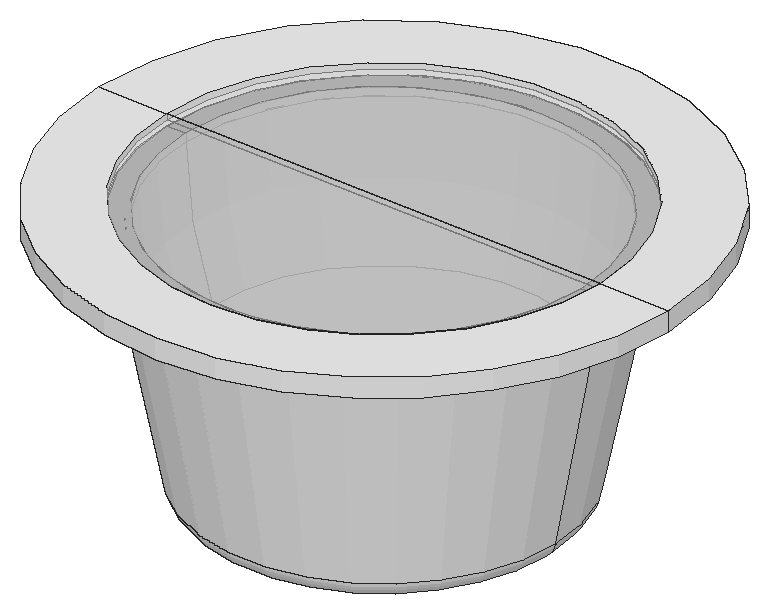
Revit family "2060570+2039013 Sylvania Lighting Fixture ASCENT 100 II ARCH 3600 3K STD 160 with IP54 PC Cover", category Lighting Fixtures, host Face, Revit 2016
Family settings
  Host = Face
  Part Type = Normal
  Round Connector Dimension = Use Diameter
  OmniClass Number = 23.80.70.11.17
  OmniClass Title = Specialized Lighting by Location or Use
  Cut with Voids When Loaded = No
  Light Source = Yes
  Shared = No
  Room Calculation Point = No
Parameters (values of type "2060570+2039013 ASCT100 II ARCH 3600 3K STD 160 with IP54 PC Cover")
  WidthBezelAcc_SYL = 25.0 mm
  Weight = "1.2 kg"
  Wattage = 30 W
  WarrantyStartDate [instance] = "n/a"
  WarrantyGuarantorParts = "n/a"
  WarrantyDurationUnit = "n/a"
  WarrantyDurationParts = "n/a"
  WarrantyDescription = "n/a"
  built-in parameter 1150110 = 1 (stored number, unit not read)
  Voltage = 0 V
  VisibilityAccessory_SYL = yes
  TypeName = "ASCENT 100 II ARCH 3600 3K STD 160 with IP54 PC Cover"
  built-in parameter 1114217 = 1 (stored number, unit not read)
  Tilt Angle = -90°
  built-in parameter 1150109 = 1 (stored number, unit not read)
  built-in parameter 1150134 = (empty or 0)
  built-in parameter 1150113 = 1 (stored number, unit not read)
  SerialNumber [instance] = "n/a"
  ReflectorRadius_SYL = Radius_SYL - 14.5 mm  # 80.0 mm
  RadiusAcc_SYL = 105.0 mm
  Radius_SYL = 94.5 mm
  URL = "http://www.sylvania-lighting.com"
  PowerFactor = 0
  PowerConsumption = "30 W"
  Photometric Web File = "2060570.ies"
  NominalWidth = 0.0 mm
  NominalLength = 0.0 mm
  NominalHeight = 94.0 mm
  Name = "ASCENT 100 II ARCH 3600 3K STD 160 with IP54 PC Cover"
  ModelReference = "ASCENT 100 II ARCH 3600 3K STD 160 with IP54 PC Cover"
  ModelNumber = "2060570+2039013"
  Material_4_SYL = none
  Material_3_SYL = Polycarbonate_Sylvania_Ascent_Clear
  Material_2_SYL = Aluminium_Sylvania_Ascent_Silver
  Material_1_SYL = Aluminum_Sylvania_Ascent_White
  Material = "aluminium housing, arcylic diffuser"
  ManufacturerName = "Feilo Sylvania"
  LuminousEfficacy = "118 lm/W"
  built-in parameter 1150105 = 281.7 (stored number, unit not read)
  Lumens = 3540 lm
  LuminaireType = ""
  built-in parameter 1150115 = 1 (stored number, unit not read)
  LightOutputRatio = "100"
  built-in parameter 1150137 = (empty or 0)
  built-in parameter 1150139 = (empty or 0)
  LampsType = Lamp  # "LED"
  LampNominalLuminous = "3548 lm"
  LampMacAdamStep = "3"
  LampColourTemperature = "3000 K"
  LampColourRenderingIndex = "80"
  built-in parameter 1150112 = 1 (stored number, unit not read)
  built-in parameter 1150114 = 1 (stored number, unit not read)
  Keynote = "16500"
  InstallationDate [instance] = "n/a"
  InputVoltage = "n/a"
  InputNominalFrequency = "n/a"
  built-in parameter 1150132 = (empty or 0)
  built-in parameter 1150102 = (empty or 0)
  built-in parameter 1150107 = 3000 (stored number, unit not read)
  built-in parameter 1150138 = (empty or 0)
  IngressProtection = "IP54"
  ImpactProtectionIndex = "IK02"
  built-in parameter 1150106 = 2.817 (stored number, unit not read)
  IfcExportType = "IfcLightFixtureType"
  IfcExportAs = "IfcLightFixtureType"
  Height_SYL = 94.0 mm
  HeightAcc_SYL = 7.0 mm
  ExpectedLife = 50000
  EmittionSurface_SYL = if(VisibilityAccessory_SYL, 7.0 mm, 3.0 mm)  # 7.0 mm
  Emit from Circle Diameter = DiffuserRadius_SYL * 2  # 146.0 mm
  Emit Shape Visible in Rendering = no
  ElectricShockClassification = "Class II"
  built-in parameter 1150104 = 10.963 (stored number, unit not read)
  DurationUnit = "hours"
  DocumentationLiterature = "http://www.sylvania-lighting.com/product/en-int/products/2060570"
  DimmingControlOptions = "n/a"
  Dimming Lamp Color Temperature Shift = <None>
  DiffuserRadius_SYL = ReflectorRadius_SYL - 7.0 mm  # 73.0 mm
  Diameter_SYL = 2 * Radius_SYL  # 189.0 mm
  CutoutDiameter_SYL = Diameter_SYL - 13.0 mm  # 176.0 mm
  CreatedOn = "9/17/2018"
  CreatedBy = "@sylvania-lighting.com"
  Color Filter = 16777215
  built-in parameter 1114216 [instance] = 1 (stored number, unit not read)
  Model = "ASCENT 100 II ARCH 3600 3K STD 160 with IP54 PC Cover"
  Manufacturer = "Feilo Sylvania"
  Lamp = "LED"
  Description = "Direct LED retro fit for original LED 100 Arch (160) single CFL lamp offering Matching lumen levels and improved light distribution of original LED 100 CFL lamp equivalents Typically half the power consumption compared to CFL Up to 112lm/W 160mm aperture Architectural reflector accepts range of glass accessories from existing LED 100 Arch 160 offering HE, HO and VHO versions equivalent of single 1 x 18W, 1 x 32W, 1 x 42W\r\n Additional VVHO versions which offer the performance circa 2 x 32W equivalent"  # constant formula
  Default Elevation = 0.0 mm
  built-in parameter 1140040 [instance] = 1
  BarCode [instance] = "n/a"
  built-in parameter 1114218 = 1 (stored number, unit not read)
  built-in parameter 1150133 = 10 (stored number, unit not read)
  AssetType = "Fixed"
  AssetIdentifier [instance] = "n/a"
  Assembly Code = "D5020200"
  Apparent Load = 30 VA
  Aperture_SYL = 2 * ReflectorRadius_SYL  # 160.0 mm
Reference planes
  plane 1 "Center (Front/Back)": y = 0
  plane 2: z = 0
  plane 3 "Center (Left/Right)": x = 0
  plane 4 "Fixture Bottom": z = 3
  plane 5: z = -52.5
  plane 6 "Fixture Top": z = -91
  plane 7: x = -105
  plane 8: z = 7
  plane 9: x = -80
  plane 10: z = 5
  plane 11: x = -103
Forms (mm)
  Extrusion 1, solid, material "Aluminum_Sylvania_Ascent_White", detail levels fine
    sketch origin (0, 0, 0) x (1, 0, 0) y (0, 1, 0)
      loop
        circle (0, 0) r 94.5
      loop
        circle (0, 0) r 80
    from 0 to 3
  Extrusion 2, void
    sketch origin (0, 0, 0) x (1, 0, 0) y (0, 1, 0)
      loop
        circle (0, 0) r 88
    from -91 to 3
  Revolve 3, solid, material "Aluminum_Sylvania_Ascent_White" <- "Material_1_SYL", detail levels fine
    sketch origin (0, 0, 0) x (1, 0, 0) y (0, 0, 1)
      loop
        line (0, -91.073) -> (0, -89.023) -> (-55.468, -89.014)
        arc (-55.468, -89.014) -> (-59.352, -87.613) -> (-61.54, -84.139) r 6.307
        line (-61.54, -84.139) -> (-77.991, -2.844) -> (-77.991, 0) -> (-80, 0) -> (-80, -3) -> (-63.5, -84.536)
        arc (-63.5, -84.536) -> (-60.643, -89.203) -> (-55.5, -91.073) r 8.291
        line (-55.5, -91.073) -> (0, -91.073)
      axis (0, 0) -> (0, -91.073)
    angle from 0 to 360
  Revolve 4, solid, material "Aluminium_Sylvania_Ascent_Silver" <- "Material_2_SYL", detail levels fine
    sketch origin (0, 0, 0) x (1, 0, 0) y (0, 0, 1)
      loop
        line (-80, 3) -> (-80, 0) -> (-75, 0)
        arc (-75, 0) -> (-72.349, -26.77) -> (-64.5, -52.5) r 136.5
        line (-64.5, -52.5) -> (-58, -52.5)
        arc (-58, -52.5) -> (-56.857, -61.521) -> (-53.5, -69.971) r 36.166
        line (-53.5, -69.971) -> (0, -69.971) -> (0, -50.5) -> (-63.16, -50.5)
        arc (-63.16, -50.5) -> (-70.517, -25.725) -> (-73, 0) r 134.5
        line (-73, 0) -> (-73, 3) -> (-80, 3)
      axis (0, 3) -> (0, -69.971)
    angle from 0 to 360
  Extrusion 5, solid, material "Polycarbonate_Sylvania_Ascent_Clear" <- "Material_3_SYL", detail levels fine
    sketch origin (0, 0, 0) x (1, 0, 0) y (0, 1, 0)
      loop
        circle (0, 0) r 73
    from 0 to 3
  Revolve 6, solid, material "Aluminum_Sylvania_Ascent_White" <- "Material_1_SYL", detail levels coarse+medium
    sketch origin (0, 0, 0) x (1, 0, 0) y (0, 0, 1)
      loop
        line (0, -91.073) -> (0, 3) -> (-94.5, 3) -> (-94.5, 0) -> (-79.5, 0) -> (-79.5, -3) -> (-63, -84.536)
        arc (-63, -84.536) -> (-60.143, -89.203) -> (-55, -91.073) r 8.291
        line (-55, -91.073) -> (0, -91.073)
      axis (0, 3) -> (0, -91.073)
    angle from 0 to 360
  Revolve 7, solid, material "Aluminum_Sylvania_Ascent_White" <- "Material_1_SYL", visible <- "VisibilityAccessory_SYL"
    sketch origin (0, 0, 0) x (1, 0, 0) y (0, 0, 1)
      loop
        line (-105, 0) -> (-103, 0) -> (-103, 5) -> (-80, 5) -> (-80, 7) -> (-105, 7) -> (-105, 0)
      axis (0, 7) -> (0, 0)
    angle from 0 to 360
  Revolve 8, solid, material "Polycarbonate_Sylvania_Ascent_Clear" <- "Material_3_SYL", visible <- "VisibilityAccessory_SYL"
    sketch origin (0, 0, 0) x (1, 0, 0) y (0, 0, 1)
      loop
        line (-80, 7) -> (-80, 5) -> (0, 5) -> (0, 7) -> (-80, 7)
      axis (0, 7) -> (0, 5)
    angle from 0 to 360
Lines and regions (mm)
  reference lines
    curve 1: line (-150, 0, 7) -> (125, 0, 7)
Dimensions and locks
  locked: plane 4 "Fixture Bottom" to plane 2 at 3
  "Height_SYL": plane 4 "Fixture Bottom" to plane 6 "Fixture Top"
  "ReflectorRadius_SYL": plane 3 "Center (Left/Right)" to Revolve 4 sketch curve
  locked: Revolve 4 sketch curve to Revolve 4 sketch curve at 15.5
  locked: Revolve 4 sketch curve to Revolve 4 sketch curve at 5
  locked: Revolve 4 sketch curve to Revolve 4 sketch curve at 7
  locked: Revolve 4 sketch curve to Revolve 4 sketch curve at 22
  locked: Revolve 4 sketch curve to Revolve 4 sketch curve at 26.5
  locked: Revolve 3 sketch curve to Revolve 3 sketch curve at 16.5
  locked: Revolve 3 sketch curve to Revolve 3 sketch curve at 24.5
  "ReflectorRadius_SYL": Revolve 3 sketch curve to plane 3 "Center (Left/Right)"
  locked: Revolve 3 sketch curve to plane 6 "Fixture Top" at 6.464
  locked: plane 2 to Revolve 3 sketch curve at 3
  locked: Revolve 3 sketch curve to Revolve 3 sketch curve at 2
  locked: Revolve 3 sketch curve to Revolve 3 sketch curve at 2.009
  locked: plane 2 to plane 5 at 52.5
  locked: Revolve 6 sketch curve to Revolve 6 sketch curve at 31.5
  locked: Revolve 6 sketch curve to Revolve 6 sketch curve at 39.5
  locked: Revolve 6 sketch curve to Revolve 6 sketch curve at 15
  "Radius_SYL": plane 3 "Center (Left/Right)" to Revolve 6 sketch curve
  "RadiusAcc_SYL": plane 3 "Center (Left/Right)" to plane 7
  "HeightAcc_SYL": plane 8 to level
  "WidthBezelAcc_SYL": plane 7 to plane 9
  locked: plane 7 to plane 11 at 2
  locked: plane 8 to plane 10 at 2
  "EmittionSurface_SYL": curve 1 to level
  "CutoutDiameter_SYL": diameter of Extrusion 2 sketch curve
  "ReflectorRadius_SYL": radius of Extrusion 1 sketch curve
  "DiffuserRadius_SYL": radius of Extrusion 5 sketch curve
  "Radius_SYL": radius of Extrusion 1 sketch curve
  aligned and locked: host face to plane 2
  aligned and locked: host face to level
  aligned and locked: plane 4 "Fixture Bottom" to Extrusion 1
  aligned and locked: Extrusion 1 to plane 2
  aligned and locked: Revolve 3 sketch curve to plane 3 "Center (Left/Right)"
  aligned and locked: Revolve 4 sketch curve to plane 3 "Center (Left/Right)"  (x2)
  aligned and locked: plane 4 "Fixture Bottom" to Revolve 4 sketch curve
  aligned and locked: Extrusion 5 to plane 2
  aligned and locked: plane 2 to Revolve 3 sketch curve  (x2)
  aligned and locked: Revolve 6 sketch curve to plane 3 "Center (Left/Right)"
  aligned and locked: plane 6 "Fixture Top" to Extrusion 2
  aligned and locked: Revolve 7 sketch curve to plane 3 "Center (Left/Right)"
  aligned and locked: host face to Revolve 7 sketch curve  (x2)
  aligned and locked: Revolve 7 sketch curve to plane 7
  aligned and locked: plane 8 to Revolve 7 sketch curve
  aligned and locked: plane 9 to Revolve 7 sketch curve
  aligned and locked: Revolve 7 sketch curve to plane 10
  aligned and locked: plane 11 to Revolve 7 sketch curve
  aligned and locked: Revolve 7 to Revolve 8 sketch curve
  aligned and locked: Revolve 8 sketch curve to Revolve 7  (x2)
  aligned and locked: Revolve 8 sketch curve to plane 3 "Center (Left/Right)"  (x2)
  aligned and locked: plane 3 "Center (Left/Right)" to imposter light
  aligned and locked: imposter light to plane 1 "Center (Front/Back)"
  aligned and locked: imposter light to curve 1
Automatic sketch dimensions
  plane 1 "Center (Front/Back)" to Extrusion 2 sketch curve = 0.0 mm
  Extrusion 2 sketch curve to plane 3 "Center (Left/Right)" = 0.0 mm
  Extrusion 1 sketch curve to Extrusion 1 sketch curve = 0.0 mm  (x2)
  plane 1 "Center (Front/Back)" to Extrusion 1 sketch curve = 0.0 mm
  Extrusion 1 sketch curve to plane 3 "Center (Left/Right)" = 0.0 mm
  plane 6 "Fixture Top" to Revolve 3 sketch curve = 0.073 mm
  Revolve 3 sketch curve to plane 6 "Fixture Top" = 6.861 mm
  Revolve 3 sketch curve to Revolve 3 sketch curve = 0.003 mm
  Revolve 3 sketch curve to Revolve 3 sketch curve = 0.009 mm  (x2)
  Revolve 3 sketch curve to Revolve 3 sketch curve = 0.023 mm
  Revolve 3 sketch curve to Revolve 3 sketch curve = 0.072 mm
  Revolve 3 sketch curve to Revolve 3 sketch curve = 0.008 mm
  Revolve 3 sketch curve to plane 6 "Fixture Top" = 1.977 mm
  Revolve 3 sketch curve to Revolve 3 sketch curve = 33.496 mm
  Revolve 3 sketch curve to Revolve 3 sketch curve = 0.028 mm
  plane 4 "Fixture Bottom" to Revolve 3 sketch curve = 82.431 mm
  Revolve 4 sketch curve to Revolve 4 sketch curve = 0.0 mm  (x2)
  Revolve 4 sketch curve to plane 5 = 0.0 mm
  Revolve 4 sketch curve to level = 0.0 mm
  plane 5 to Revolve 4 sketch curve = 2.0 mm
  plane 4 "Fixture Bottom" to Revolve 4 sketch curve = 9.642 mm
  plane 1 "Center (Front/Back)" to Extrusion 5 sketch curve = 0.0 mm
  Extrusion 5 sketch curve to plane 3 "Center (Left/Right)" = 0.0 mm
  Revolve 4 sketch curve to level = 69.971 mm
  Revolve 4 sketch curve to Revolve 4 sketch curve = 2.387 mm
  Revolve 6 sketch curve to level = 0.0 mm
  Revolve 6 sketch curve to plane 3 "Center (Left/Right)" = 0.0 mm
  Revolve 6 sketch curve to Revolve 6 sketch curve = 8.104 mm
  Revolve 6 sketch curve to level = 3.0 mm
  Revolve 6 sketch curve to plane 6 "Fixture Top" = 6.464 mm
  plane 6 "Fixture Top" to Revolve 6 sketch curve = 0.073 mm
  Revolve 6 sketch curve to Revolve 6 sketch curve = 33.496 mm
  plane 4 "Fixture Bottom" to Revolve 6 sketch curve = 82.431 mm
  host sketch curve to host sketch curve = 1704.996 mm
  host sketch curve to host sketch curve = 1500.0 mm
  plane 6 "Fixture Top" to Revolve 7 sketch curve = 281.274 mm
  Revolve 7 sketch curve to plane 8 = 1140.706 mm
  plane 6 "Fixture Top" to Revolve 8 sketch curve = 281.274 mm
  Revolve 8 sketch curve to Revolve 8 sketch curve = 1140.706 mm
  Revolve 3 sketch curve to plane 3 "Center (Left/Right)" = 0.0 mm
  Revolve 6 sketch curve to plane 4 "Fixture Bottom" = 0.0 mm
  plane 7 to curve 1 = 45.0 mm
  plane 3 "Center (Left/Right)" to curve 1 = 125.0 mm
Connectors
  electrical at (0, 0, -91.073), driven by "Apparent Load"
    settings: on Revolve 3, index 1, voltage 240 V, apparent load 0 VA, apparent load phase1 30 VA, apparent load phase2 0 VA, apparent load phase3 0 VA, power factor 1, load classification "Lighting", number of poles 1, system type 31, power factor state 1, is connector primary yes, connector utility no, sub classification motor no, connector description ""
